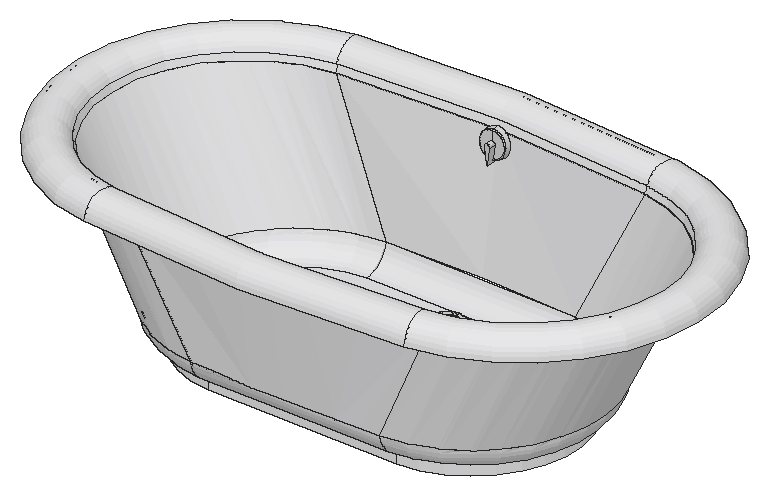
Revit family "Bath-Freestanding-KOHLER-Vintage-K-700", category Plumbing Fixtures, host Face, Revit 2015
Parameters (values of type "0-White")
  Width = 42"  # constant formula
  Waste Water Outlet = "Waste Water Outlet"  # constant formula
  Waste Connection = no
  Vent Connection = no
  URL = "https://www.us.kohler.com/us/"
  Type = 1
  Elevation2 [instance] = if(Assemble With Base, 2 1/2", 0")  # 0"
  Elevation1 [instance] = if(Assemble With Base, 3 1/16", 9/16")  # 9/16"
  Product Page URL = "http://www.us.kohler.com/us/catalog/productDetails.jsp?productNumber=700"
  Product Name = "Vintage"  # constant formula
  Product Documentation Link = "http://www.us.kohler.com/onlinecatalog/pdf/K-700_spec.pdf"
  Model = if(Type = 1, "K-700-0", if(Type = 2, "K-700-96", if(Type = 3, "K-700-47", if(Type = 4, "K-700-NY", if(Type = 5, "K-700-G9", "NA")))))  # "K-700-0"
  Material = "Enameled Cast Iron"  # constant formula
  MasterFormat 2004 = "22.41.19"  # constant formula
  MasterFormat 1995 = "15410"  # constant formula
  Manufacturer Address = "444 Highland Dr, Kohler, WI 53044"  # constant formula
  Manufacturer = "KOHLER Co."  # constant formula
  Length = 72"  # constant formula
  Hot Water Inlet = "Hot Water Inlet"  # constant formula
  Height = 21 3/16"  # constant formula
  HW Connection = no
  Finish = Kohler-Enameled_Cast_Iron-0-White
  Environmental Product Declaration = ""
  Description = "72inch x 42inch freestanding bath"  # constant formula
  Default Elevation = 0"
  Declare Label = ""
  Date Modified = "02/19/2018"  # constant formula
  Date Created = "02/19/2018"  # constant formula
  Copyright = "Copyright KOHLER Co."  # constant formula
  Contact Us = "https://www.us.kohler.com/us/static/contact.jsp"
  Cold Water Inlet = "Cold Water Inlet"  # constant formula
  CW Connection = no
  Assemble With Base [instance] = no
  Assembly Code = "D2010500"
  ADA Compliant = no
Types (6): name | Waste Connection | Type | Model | Finish
  (no name) | no | 1 | "K-700-0" | Kohler-Enameled_Cast_Iron-0-White
  0-White | no | 1 | "K-700-0" | Kohler-Enameled_Cast_Iron-0-White
  96-Biscuit | yes | 2 | "K-700-96" | Kohler-Enameled_Cast_Iron-96-Biscuit
  47-Almond | yes | 3 | "K-700-47" | Kohler-Enameled_Cast_Iron-47-Almond
  NY-Dune | yes | 4 | "K-700-NY" | Kohler-Enameled_Cast_Iron-NY-Dune
  G9-Sandbar | yes | 5 | "K-700-G9" | Kohler-Enameled_Cast_Iron-G9-Sandbar
Reference planes (in)
  plane 1 "Center (Front/Back)": y = 0
  plane 2: z = 0
  plane 3 "Center (Left/Right)": x = 0
  plane 4: y = 20.97996
  plane 5: y = -21.02004
  plane 6: x = -35.935
  plane 7: x = 36.065
  plane 8: z = 0.5625
  plane 9: z = 21.1875
  plane 10: z = 0
Dimensions and locks (in)
  "Width": plane 5 to plane 4
  "Length": plane 6 to plane 7
  "Elevation1": plane 8 to plane 2
  "Height": plane 9 to plane 10
  "Elevation2": plane 10 to level
  aligned and locked: plane 2 to host face
  aligned and locked: level to host face
  aligned and locked: plane 8 to nested 1
Automatic sketch dimensions
  host sketch curve to host sketch curve = 96"  (x2)
Nested families (in)
  nested 1: "K-700" at (0, 0, -0.0075), type "K-700"
Connectors (in)
  piping at (0, 8.85551, 1.04927), diameter 1.5, driven by "Waste Connection", driven by "Waste Water Outlet"
    settings: on nested 1, index 1, connector inside diameter 24", connector length 0", flow factor 0, pipe flow 0 GPM, pressure drop 0.00 psi, fitting loss kfactor 0, connector angle 0.00°, fixture units 0, engagement length 0", angle of deflection 0.00°, flow configuration 0, flow direction 2, fitting loss method 0, system type 16, joint type 0, gender type 0, connector reference index -1, connector utility 0, adjustable connector no, is connector primary yes, connector description "Waste Water Outlet"
Definition of nested family "K-700"
  Parameters (values of type "K-700")
    Material = none
  Reference planes (in)
    plane 1 "Center (Front/Back)": y = 0
    plane 2: z = 0
    plane 3 "Center (Left/Right)": x = 0
  Forms (in)
    Sweep 1, solid, material <- "Material"
      path origin (0, 0, 0) x (1, 0, 0) y (0, 1, 0)
        loop
          arc (-10.77791, 13.80349) -> (-23.87217, 0) -> (-10.77791, -13.80349) r 13.8227
          arc (-10.77791, -13.80349) -> (0, -14.08767) -> (10.77791, -13.80349) r 204.52143
          arc (10.77791, -13.80349) -> (23.87217, 0) -> (10.77791, 13.80349) r 13.8227
          arc (10.77791, 13.80349) -> (0, 14.08767) -> (-10.77791, 13.80349) r 204.52143
      profile origin (-23.87217, 0, 0) x (-1, 0, 0) y (0, 0, 1)
        loop
          arc (-2.73809, 1.85151) -> (-0.71711, 2.6291) -> (0.26144, 4.5608) r 3.01508
          line (0.26144, 4.5608) -> (-0.15173, 4.5608)
          arc (-0.15173, 4.5608) -> (-1.15351, 2.88894) -> (-2.98856, 2.23226) r 2.8923
          line (-2.98856, 2.23226) -> (-3.23856, 2.23226) -> (-3.23856, 1.85151) -> (-2.73809, 1.85151)
    Extrusion 2, solid, material <- "Material"
      sketch origin (0, 0, 0) x (1, 0, 0) y (0, 1, 0)
        loop
          arc (-10.60724, -10.56943) -> (0, -10.84912) -> (10.60724, -10.56943) r 201.28287
          arc (10.60724, -10.56943) -> (20.63362, 0) -> (10.60724, 10.56943) r 10.58414
          arc (10.60724, 10.56943) -> (0, 10.84912) -> (-10.60724, 10.56943) r 201.28287
          arc (-10.60724, 10.56943) -> (-20.63362, 0) -> (-10.60724, -10.56943) r 10.58414
      from 1.85151 to 2.23226
    Blend 3, solid, material <- "Material"
      base sketch origin (0, 0, 0) x (1, 0, 0) y (0, 1, 0)
        loop
          arc (-10.79169, 14.06457) -> (-24.13362, 0) -> (-10.79169, -14.06457) r 14.08414
          arc (-10.79169, -14.06457) -> (0, -14.34912) -> (10.79169, -14.06457) r 204.78287
          arc (10.79169, -14.06457) -> (24.13362, 0) -> (10.79169, 14.06457) r 14.08414
          arc (10.79169, 14.06457) -> (0, 14.34912) -> (-10.79169, 14.06457) r 204.78287
      top sketch origin (0, 0, 0) x (1, 0, 0) y (0, 1, 0)
        loop
          arc (-17.65987, -15.4991) -> (0, -16.58921) -> (17.65987, -15.4991) r 143.59
          arc (17.65987, -15.4991) -> (31.35675, 0) -> (17.65987, 15.4991) r 15.61766
          arc (17.65987, 15.4991) -> (0, 16.58921) -> (-17.65987, 15.4991) r 143.59
          arc (-17.65987, 15.4991) -> (-31.35675, 0) -> (-17.65987, -15.4991) r 15.61766
      from 4.5608 to 18.81
    Sweep 4, solid, material <- "Material"
      path origin (0, 0, 0) x (1, 0, 0) y (0, 1, 0)
        loop
          arc (-18.21503, 19.97872) -> (-35.87064, 0) -> (-18.21503, -19.97872) r 20.13156
          arc (-18.21503, -19.97872) -> (0, -21.10311) -> (18.21503, -19.97872) r 148.10389
          arc (18.21503, -19.97872) -> (35.87064, 0) -> (18.21503, 19.97872) r 20.13156
          arc (18.21503, 19.97872) -> (0, 21.10311) -> (-18.21503, 19.97872) r 148.10389
      profile origin (-35.87064, 0, 0) x (-1, 0, 0) y (0, 0, 1)
        loop
          arc (-0.06065, 18.81) -> (-2.06136, 21.15909) -> (-4.69302, 19.54806) r 2.37429
          line (-4.69302, 19.54806) -> (-4.93284, 18.81) -> (-4.51389, 18.81) -> (-4.31409, 19.42494)
          arc (-4.31409, 19.42494) -> (-2.12369, 20.76555) -> (-0.45908, 18.81) r 1.97586
          line (-0.45908, 18.81) -> (-0.06065, 18.81)
    Blend 5, void
      base sketch origin (0, 0, 0) x (1, 0, 0) y (0, 1, 0)
        loop
          arc (-10.76991, -13.65197) -> (0, -13.93594) -> (10.76991, -13.65197) r 204.36969
          arc (10.76991, -13.65197) -> (23.72044, 0) -> (10.76991, 13.65197) r 13.67096
          arc (10.76991, 13.65197) -> (0, 13.93594) -> (-10.76991, 13.65197) r 204.36969
          arc (-10.76991, 13.65197) -> (-23.72044, 0) -> (-10.76991, -13.65197) r 13.67096
      top sketch origin (0, 0, 0) x (1, 0, 0) y (0, 1, 0)
        loop
          arc (-17.60835, -15.08333) -> (0, -16.17027) -> (17.60835, -15.08333) r 143.17106
          arc (17.60835, -15.08333) -> (30.93781, 0) -> (17.60835, 15.08333) r 15.19872
          arc (17.60835, 15.08333) -> (0, 16.17027) -> (-17.60835, 15.08333) r 143.17106
          arc (-17.60835, 15.08333) -> (-30.93781, 0) -> (-17.60835, -15.08333) r 15.19872
      from 4.5608 to 18.81
    Revolve 6, solid, material <- "Material"
      sketch origin (0, -0.125, -0.0625) x (0, 1, 0) y (0, 0, 1)
        loop
          line (7.27477, 1.0025) -> (7.53904, 1.0025) -> (7.53904, 1.11927) -> (8.98051, 1.11927) -> (8.98051, 1.96) -> (6.31727, 1.96)
          arc (6.31727, 1.96) -> (6.99433, 1.67956) -> (7.27477, 1.0025) r 0.9575
        axis (8.98051, 1.96) -> (8.98051, 1.0025)
      angle from 0 to 360
    Revolve 7, void
      sketch origin (0, 0, 0) x (0, 1, 0) y (0, 0, 1)
        loop
          line (8.85551, 1.37959) -> (8.85551, 2.26734) -> (6.68339, 2.26734)
          arc (6.68339, 2.26734) -> (7.27137, 1.99927) -> (7.4546, 1.37959) r 0.77886
          line (7.4546, 1.37959) -> (8.85551, 1.37959)
        axis (8.85551, 2.26734) -> (8.85551, 1.37959)
      angle from 0 to 360
    Revolve 8, solid, detail levels medium+fine
      sketch origin (0, 0, 0) x (0, 1, 0) y (0, 0, 1)
        loop
          line (8.85551, 1.47755) -> (8.85551, 2.52164)
          arc (8.85551, 2.52164) -> (8.21823, 2.47816) -> (7.59276, 2.34852) r 4.69189
          arc (7.59276, 2.34852) -> (7.57013, 2.31405) -> (7.6012, 2.28695) r 0.03136
          line (7.6012, 2.28695) -> (8.04127, 2.28695) -> (8.04127, 2.15775) -> (7.52839, 2.15775) -> (7.52839, 2.23977)
          arc (7.52839, 2.23977) -> (7.51457, 2.27313) -> (7.48121, 2.28695) r 0.04718
          line (7.48121, 2.28695) -> (6.95529, 2.28695)
          arc (6.95529, 2.28695) -> (6.93038, 2.26643) -> (6.94574, 2.23804) r 0.02539
          arc (6.94574, 2.23804) -> (7.42411, 1.93296) -> (7.76252, 1.47755) r 1.56735
          line (7.76252, 1.47755) -> (8.85551, 1.47755)
        axis (8.85551, 2.52164) -> (8.85551, 1.47755)
      angle from 0 to 360
    Revolve 9, solid, detail levels medium+fine
      sketch origin (0, 0, 0) x (0, 1, 0) y (0, 0, 1)
        loop
          line (15.35513, 17.53823) -> (16.18349, 17.48031) -> (16.29635, 19.09426) -> (15.51887, 19.01254)
          arc (15.51887, 19.01254) -> (15.47386, 18.99059) -> (15.45348, 18.94483) r 0.07322
          line (15.45348, 18.94483) -> (15.35513, 17.53823)
        axis (15.35513, 17.53823) -> (16.18349, 17.48031)
      angle from 0 to 360
    Extrusion 10, solid, detail levels medium+fine
      sketch origin (0, 0, 0) x (1, 0, 0) y (0, 0, 1)
        loop
          line (-0.06496, 15.71673) -> (0.06504, 15.71673) -> (0.27817, 17.55)
          arc (0.27817, 17.55) -> (0.00004, 17.86234) -> (-0.2781, 17.55) r 0.28001
          line (-0.2781, 17.55) -> (-0.06496, 15.71673)
      from -15.43662 to -14.65573
    Extrusion 11, solid, material <- "Material"
      sketch origin (0, 0, 0) x (1, 0, 0) y (0, 1, 0)
        loop
          line (-14.18577, -9.03339) -> (-12.25391, -9.55103) -> (-11.21462, -9.54269) -> (-11.04468, -8.90848) -> (-12.15556, -9.18397) -> (-14.08741, -8.66634) -> (-14.91062, -7.86851) -> (-15.08221, -8.50887) -> (-14.18577, -9.03339)
        loop
          line (14.18577, -9.03339) -> (15.08221, -8.50887) -> (14.91062, -7.86851) -> (14.08741, -8.66634) -> (12.15556, -9.18397) -> (11.04468, -8.90848) -> (11.21462, -9.54269) -> (12.25391, -9.55103) -> (14.18577, -9.03339)
        loop
          line (-14.18577, 9.03339) -> (-15.08221, 8.50887) -> (-14.91062, 7.86851) -> (-14.08741, 8.66634) -> (-12.15556, 9.18397) -> (-11.04468, 8.90848) -> (-11.21462, 9.54269) -> (-12.25391, 9.55103) -> (-14.18577, 9.03339)
        loop
          line (14.18577, 9.03339) -> (12.25391, 9.55103) -> (11.21462, 9.54269) -> (11.04468, 8.90848) -> (12.15556, 9.18397) -> (14.08741, 8.66634) -> (14.91062, 7.86851) -> (15.08221, 8.50887) -> (14.18577, 9.03339)
      from 0 to 1.84437
    Extrusion 12, solid, material <- "Material"
      sketch origin (0, 0, 0) x (1, 0, 0) y (0, 1, 0)
        loop
          arc (-10.70785, -11.06457) -> (-21.13362, 0) -> (-10.70785, 11.06457) r 11.08414
          line (-10.70785, 11.06457) -> (-7.96911, 11.06457) -> (-7.9997, 11.56457) -> (-10.72255, 11.56457)
          arc (-10.72255, 11.56457) -> (-21.63362, 0) -> (-10.72255, -11.56457) r 11.58414
          line (-10.72255, -11.56457) -> (10.72255, -11.56457)
          arc (10.72255, -11.56457) -> (21.63362, 0) -> (10.72255, 11.56457) r 11.58414
          line (10.72255, 11.56457) -> (8, 11.56457) -> (8, 11.06457) -> (10.70785, 11.06457)
          arc (10.70785, 11.06457) -> (21.13362, 0) -> (10.70785, -11.06457) r 11.08414
          line (10.70785, -11.06457) -> (-10.70785, -11.06457)
      from 0.57 to 2.12339
  Cuts and joins
    Revolve 7 cuts Sweep 1
    Revolve 7 cuts Extrusion 2
    Blend 5, Revolve 7 cuts Blend 3
    Revolve 7 cuts Revolve 6
    joined: Sweep 1, Extrusion 2, Blend 3, Revolve 6, Extrusion 11, Extrusion 12
    joined: Revolve 8, Revolve 9, Extrusion 10
  Lines and regions (in)
    Masking region 1
      outline origin (0, 0, 0) x (1, 0, 0) y (0, 0, 1)
        loop
          line (-35.81, 18.81) -> (-31.35675, 18.81) -> (-24.13362, 4.5608)
          arc (-24.13362, 4.5608) -> (-23.33534, 2.80364) -> (-21.63362, 1.89318) r 3.00829
          line (-21.63362, 1.89318) -> (-21.63362, 0.57) -> (-15.08221, 0.57) -> (-15.08221, 0) -> (-11.04468, 0) -> (-11.04468, 0.57) -> (11.04468, 0.57) -> (11.04468, 0) -> (15.08221, 0) -> (15.08221, 0.57) -> (21.63362, 0.57) -> (21.63362, 1.89318)
          arc (21.63362, 1.89318) -> (23.33534, 2.80364) -> (24.13362, 4.5608) r 3.00829
          line (24.13362, 4.5608) -> (31.35675, 18.81) -> (35.81, 18.81)
          arc (35.81, 18.81) -> (35.10259, 20.49341) -> (33.4144, 21.18931) r 2.39565
          line (33.4144, 21.18931) -> (-33.4144, 21.18931)
          arc (-33.4144, 21.18931) -> (-35.10259, 20.49341) -> (-35.81, 18.81) r 2.39565
    Masking region 2
      outline origin (0, 0, 0) x (0, 1, 0) y (0, 0, 1)
        loop
          line (-21.04246, 18.81) -> (-16.58921, 18.81) -> (-14.34912, 4.5608)
          arc (-14.34912, 4.5608) -> (-13.45007, 2.70165) -> (-11.56457, 1.85928) r 3.0104
          line (-11.56457, 1.85928) -> (-11.56457, 0.57) -> (-9.55103, 0.57) -> (-9.55103, 0) -> (-7.86851, 0) -> (-7.86851, 0.57) -> (7.86851, 0.57) -> (7.86851, 0) -> (9.55103, 0) -> (9.55103, 0.57) -> (11.56457, 0.57) -> (11.56457, 1.85928)
          arc (11.56457, 1.85928) -> (13.45007, 2.70165) -> (14.34912, 4.5608) r 3.0104
          line (14.34912, 4.5608) -> (16.58921, 18.81) -> (21.04246, 18.81)
          arc (21.04246, 18.81) -> (20.35041, 20.49153) -> (18.67098, 21.18865) r 2.37149
          line (18.67098, 21.18865) -> (-18.67098, 21.18865)
          arc (-18.67098, 21.18865) -> (-20.35041, 20.49153) -> (-21.04246, 18.81) r 2.37149
    Masking region 3
      outline origin (0, 0, 0) x (1, 0, 0) y (0, 1, 0)
        loop
          arc (-18.20757, 19.91854) -> (-35.81, 0) -> (-18.20757, -19.91854) r 20.07091
          arc (-18.20757, -19.91854) -> (0, -21.04246) -> (18.20757, -19.91854) r 148.04325
          arc (18.20757, -19.91854) -> (35.81, 0) -> (18.20757, 19.91854) r 20.07091
          arc (18.20757, 19.91854) -> (0, 21.04246) -> (-18.20757, 19.91854) r 148.04325
    symbolic lines, detail levels medium+fine
      curve 1: line (-31.35675, 0, 18.81) -> (31.35675, 0, 18.81)
      curve 2: line (-24.13362, 0, 4.5608) -> (24.13362, 0, 4.5608)
      curve 3: line (-21.63362, 0, 1.89318) -> (21.63362, 0, 1.89318)
      curve 4: line (-15.08221, 0, 0.57) -> (-11.04468, 0, 0.57)
      curve 5: line (11.04468, 0, 0.57) -> (15.08221, 0, 0.57)
      curve 6: line (0, 16.58921, 18.81) -> (0, -16.58921, 18.81)
      curve 7: line (0, 11.56457, 1.85928) -> (0, -11.56457, 1.85928)
      curve 8: line (0, 14.34912, 4.5608) -> (0, -14.34912, 4.5608)
      curve 9: line (0, 9.55103, 0.57) -> (0, 7.86851, 0.57)
      curve 10: line (0, -7.86851, 0.57) -> (0, -9.55103, 0.57)
      curve 11: arc (17.60835, 15.08333, 0) -> (0, 16.17027, 0) -> (-17.60835, 15.08333, 0) r 143.17106
      curve 12: arc (-17.60835, -15.08333, 0) -> (-30.93781, 0, 0) -> (-17.60835, 15.08333, 0) r 15.19872
      curve 13: arc (17.60835, -15.08333, 0) -> (0, -16.17027, 0) -> (-17.60835, -15.08333, 0) r 143.17106
      curve 14: arc (17.60835, 15.08333, 0) -> (30.93781, 0, 0) -> (17.60835, -15.08333, 0) r 15.19872
      curve 15: arc (10.76991, -13.65197, 0) -> (23.72044, 0, 0) -> (10.76991, 13.65197, 0) r 13.67096
      curve 16: arc (10.76991, 13.65197, 0) -> (0, 13.93594, 0) -> (-10.76991, 13.65197, 0) r 204.36969
      curve 17: arc (-10.76991, 13.65197, 0) -> (-23.72044, 0, 0) -> (-10.76991, -13.65197, 0) r 13.67096
      curve 18: arc (-10.76991, -13.65197, 0) -> (0, -13.93594, 0) -> (10.76991, -13.65197, 0) r 204.36969
      curve 19: circle (0, 8.85551, 0) r 1.32712 normal (0, 0, -1)
      curve 20: circle (0, 8.85551, 0) r 1.941 normal (0, 0, -1)
      curve 21: line (0.28005, 15.43662, 0) -> (-0.27997, 15.43662, 0)
      curve 22: line (-0.27997, 14.65573, 0) -> (0.28005, 14.65573, 0)
      curve 23: line (-0.27997, 14.65573, 0) -> (-0.27997, 15.43662, 0)
      curve 24: line (0.28005, 14.65573, 0) -> (0.28005, 15.43662, 0)
      curve 25: arc (-1.38879, 15.33426, 0) -> (-0.83532, 15.28153, 0) -> (-0.27997, 15.25513, 0) r 11.7144
      curve 26: line (-1.61302, 16.16118, 0) -> (-1.48291, 15.42326, 0)
      curve 27: arc (-1.48291, 15.42326, 0) -> (-1.45056, 15.3632, 0) -> (-1.38879, 15.33426, 0) r 0.10864
      curve 28: line (1.61302, 16.16118, 0) -> (1.48291, 15.42326, 0)
      curve 29: arc (1.48291, 15.42326, 0) -> (1.44739, 15.36031, 0) -> (1.38023, 15.33358, 0) r 0.10864
      curve 30: arc (0.28005, 15.2552, 0) -> (0.83106, 15.28143, 0) -> (1.38023, 15.33358, 0) r 11.7144
  Dimensions and locks (in)
    aligned and locked: plane 2 to level
